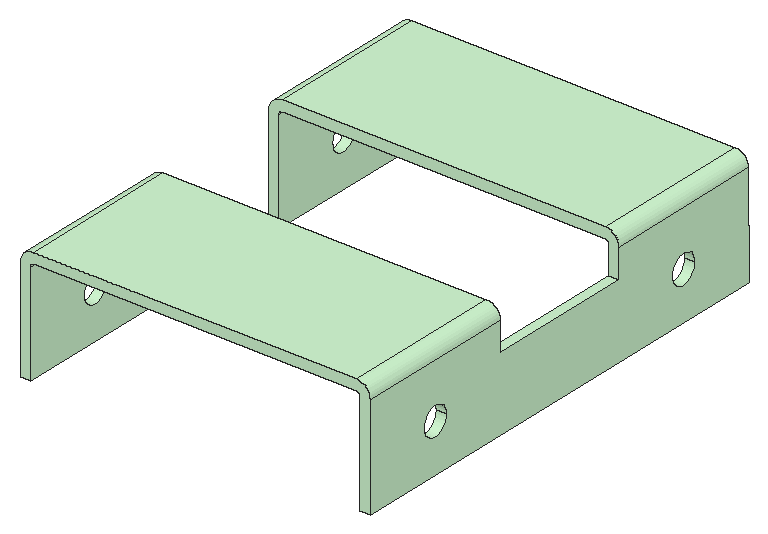
Revit family "tbn-wcover", category 機械設備, Revit 2022
Family settings
  丸型コネクタ寸法 = 直径を使用
  種別 = なし
  パーツ タイプ = 標準
  作業面ベース = いいえ
  常に垂直 = いいえ
  ロード時にボイドで切り取り = いいえ
  注釈の向きを維持 = いいえ
  共有 = いいえ
  部屋計算ポイント = いいえ
Parameters
  製造元 = "株式会社桐井製作所"
  既定の高さ = 0 mm
  URL = "https://www.kirii.co.jp/"
  K_許容荷重(水平)野縁方向(N) = 3000
  K_許容荷重(水平)野縁受け方向(N) = 2000
  K_許容荷重(引張)(N) = 2300
  K_板厚(mm) = 1.6 mm
  K_品名 = "TBN-Wカバー"
  K_名称 = "クリップ補強"
  K_入数 = "100"
  K_備考 = "許容荷重は、耐風圧Wクリップと組み合わせた状態の数値です。"
  K_バージョン情報 = "20211216"
Reference planes
  plane 1 "中心(正面/背面)": y = 0
  plane 2: z = 0
  plane 3 "中心(左/右)": x = 0
Forms (mm)
  Extrusion 1, solid
    sketch origin (1.146, 17.5, 15.138) x (1, 0, 0) y (0, 0, 1)
      loop
        line (-26.109, 1.262) -> (23.817, 1.262)
        arc (23.817, 1.262) -> (24.17, 1.115) -> (24.317, 0.762) r 0.5
        line (24.317, 0.762) -> (24.317, -15.138) -> (25.917, -15.138) -> (25.917, 0.762)
        arc (25.917, 0.762) -> (25.302, 2.247) -> (23.817, 2.862) r 2.1
        line (23.817, 2.862) -> (-26.109, 2.862)
        arc (-26.109, 2.862) -> (-27.594, 2.247) -> (-28.209, 0.762) r 2.1
        line (-28.209, 0.762) -> (-28.209, -15.138) -> (-26.609, -15.138) -> (-26.609, 0.762)
        arc (-26.609, 0.762) -> (-26.463, 1.115) -> (-26.109, 1.262) r 0.5
    from -19.783 to 53.217
  Extrusion 2, void
    sketch origin (0, 0, 0) x (0, 1, 0) y (0, 0, 1)
      loop
        circle (-23.217, 7.4) r 2.25
      loop
        circle (24.783, 7.409) r 2.25
    from 25.463 to 27.063
  Extrusion 3, void
    sketch origin (-52.526, 0, 0) x (0, 1, 0) y (0, 0, 1)
      loop
        circle (-23.217, 7.4) r 2.25
      loop
        circle (24.783, 7.409) r 2.25
    from 25.463 to 27.063
  Extrusion 4, void
    sketch origin (0, 0, 0) x (1, 0, 0) y (0, 0, 1)
      loop
        line (-25.463, 0) -> (-25.463, 15.9)
        arc (-25.463, 15.9) -> (-25.317, 16.254) -> (-24.963, 16.4) r 0.5
        line (-24.963, 16.4) -> (24.963, 16.4)
        arc (24.963, 16.4) -> (25.317, 16.254) -> (25.463, 15.9) r 0.5
        line (25.463, 15.9) -> (25.463, 11.4) -> (27.063, 11.4) -> (27.063, 15.9)
        arc (27.063, 15.9) -> (26.448, 17.385) -> (24.963, 18) r 2.1
        line (24.963, 18) -> (-24.963, 18)
        arc (-24.963, 18) -> (-26.448, 17.385) -> (-27.063, 15.9) r 2.1
        line (-27.063, 15.9) -> (-27.063, 0) -> (-25.463, 0)
    from -12.283 to 10.717
Cuts and joins
  Extrusion 2, Extrusion 3, Extrusion 4 cuts Extrusion 1
Dimensions and locks
  aligned and locked: level to plane 2
